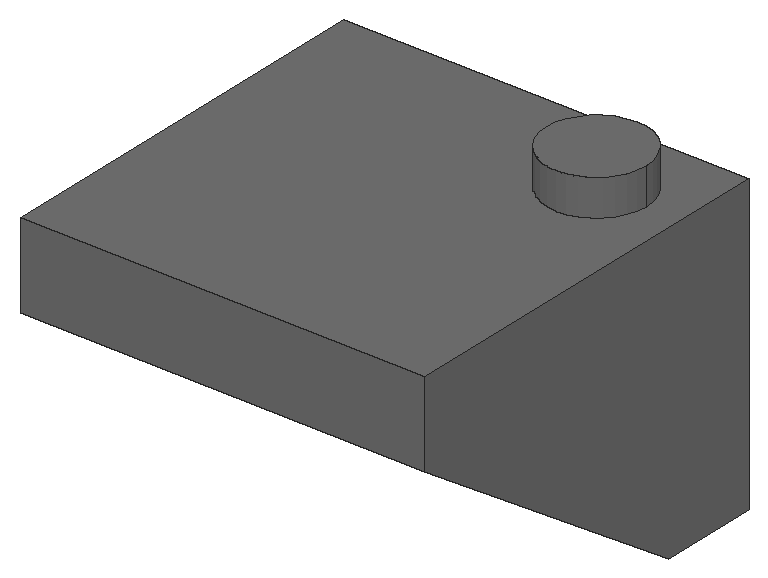
Revit family "v-50_509rh5(-s)_60Hz", category 機械設備, Revit 2019
Family settings
  丸型コネクタ寸法 = 直径を使用
  パーツ タイプ = 標準
  OmniClass 番号 = 23.75.35.17.27
  OmniClass タイトル = Centrifugal Fans
  作業面ベース = いいえ
  常に垂直 = はい
  ロード時にボイドで切り取り = いいえ
  共有 = いいえ
  部屋計算ポイント = いいえ
Parameters (values of type "V-50RH5")
  騒音レベル(dB(A)) = 49
  風量 = 570.0 m³/h
  電源種別 [instance] = ""
  電圧 = 100 V
  電動機出力 = 0 W
  電動機_種別 = ""
  集中コントローラ = ""
  運転質量 = 0.00 kg
  連動 [instance] = ""
  質量 = if(製品質量 > 運転質量, 製品質量, 運転質量) * 1.2  # 24.60 kg
  負荷分類 = 3_ファン類
  説明 = "レンジフードファン デルタキャッチ形"
  設計風量 = 0.0 m³/h
  設置方法 = "天吊"
  記号 [instance] = ""
  製造元 = "三菱電機株式会社"
  製品質量 = 20.50 kg
  製品出荷対象 = "国内"
  製品リリース年月 = "2022年6月1日"
  製品グループ = ""
  系統 [instance] = ""
  符号 = if(☑給気／□排気, "FS", "FE")  # "FE"
  積算_科目 = "2 換気設備"
  積算_拾い区分 [instance] = ""
  相 = 1
  盤記号 [instance] = ""
  発停方法 [instance] = ""
  特殊仕様 [instance] = ""
  火災停止 [instance] = ""
  消費電力 = 140 W
  法定耐用年数 = "15"
  機外静圧_排気 = 210.0 Pa
  機外静圧 = 0.0 Pa
  極数 = 2
  材質 [instance] = ""
  操作・制御方式 = ""
  操作・制御スイッチ = ""
  排気量 = 0.0 m³/h
  形式 = "片吸込形"
  幹線記号 [instance] = ""
  対象室 [instance] = ""
  実風量 = 0.0 m³/h
  始動方式 [instance] = "直入"
  天吊用穴_ピッチ = 520 mm
  天吊用穴_D = 300 mm
  外気量 = 0.0 m³/h
  呼称 = "遠心送風機"
  周波数 = 60 Hz
  参照している仕様書等のバージョン = ""
  分類コード = "50052503100060"
  分類グループ = ""
  価格 = 119000
  企業コード = "108420"
  付属品_フィルター_還気 = ""
  付属品_フィルター = ""
  付属品 [instance] = ""
  仕様書バージョン = "Version1.0"
  モデル = "V-50RH5"
  マテリアル = 鋼板(黒)
  ファンの種類 = ""
  ダクト径 = 150 mm
  コメント [instance] = ""
  Keynote = ""
  Assembly Code = ""
  ☑給気／□排気 = no
  Width = 600 mm
  W1 = Width / 2  # 300 mm
  Version = ""
  Uniclass2015Version = "Systems v1.9"
  Uniclass2015Title = "Centrifugal fans"
  Uniclass2015Code = "Pr_65_67_29_12"
  URL = "https://www.mitsubishielectric.co.jp/ldg/wink/ssl/displayProduct.do?pid=320886"
  SpecificationReference = ""
  SpecificationDescription = ""
  Revision = ""
  ProductInformation = ""
  OmniClassCode = "23-33 31 19 13 15"
  EAダクト接続口_後部 = no
  MIN風量 = 135.0 m³/h
  MIN静圧 = 0.0 Pa
  MID風量 = 400.0 m³/h
  MID静圧 = 0.0 Pa
  MAX風量 = 570.0 m³/h
  MAX静圧 = 0.0 Pa
  IfcTypeProduct = ""
  IfcProduct = ""
  IfcExportType = "CENTRIFUGALFORWARDCURVED"
  IfcExportAs = "IfcFanType"
  Height = 440 mm
  H1 = 126 mm
  EAダクト接続口_上部左 = no
  EAダクト接続口_上部右 = yes
  EAサイズ_D = 148 mm
  Duct_Pitch = 350 mm
  Duct_Height = 54 mm
  Duct_D = 125 mm
  Duct_H = 100 mm
  Depth = 600 mm
  D1 = 148 mm
  Clearance Top = 0 mm
  Clearance Right = 0 mm
  Clearance Left = 0 mm
  Clearance Front = 0 mm
  Clearance Bottom = 0 mm
  Clearance Back = 0 mm
  Author = "三菱電機株式会社"
Types (4, lengths in mm): name | 質量 | 製品質量 | 価格 | モデル | マテリアル | Width | W1 | URL
  V-50RH5 | 24.60 kg | 20.50 kg | 119000 | "V-50RH5" | 鋼板(黒) | 600 | 300 | "https://www.mitsubishielectric.co.jp/ldg/wink/ssl/displayProduct.do?pid=320886"
  V-507RH5 | 27.00 kg | 22.50 kg | 133900 | "V-507RH5" | 鋼板(黒) | 750 | 375 | "https://www.mitsubishielectric.co.jp/ldg/wink/ssl/displayProduct.do?pid=320855"
  V-509RH5 | 29.40 kg | 24.50 kg | 171200 | "V-509RH5" | 鋼板(黒) | 900 | 450 | "https://www.mitsubishielectric.co.jp/ldg/wink/ssl/displayProduct.do?pid=320857"
  V-507RH5-S | 27.00 kg | 22.50 kg | 178900 | "V-507RH5-S" | 鋼板(シルバー) | 750 | 375 | "https://www.mitsubishielectric.co.jp/ldg/wink/ssl/displayProduct.do?pid=320856"
Reference planes
  plane 1 "中心(正面/背面)": y = 0
  plane 2: z = 0
  plane 3 "中心(左/右)": x = 0
  plane 4: x = -300
  plane 5: x = 300
  plane 6: y = -600
  plane 7: z = -440
  plane 8: z = -126
  plane 9: z = 54
  plane 10: y = -300
  plane 11: y = -148
  plane 12: x = -175
  plane 13: x = 175
  plane 14: y = -125
  plane 15: z = -100
  plane 16: y = 54
  plane 17: x = -150
  plane 18: x = 150
  plane 19: x = -260
  plane 20: x = 260
  plane 21: y = -300
Forms (mm)
  Extrusion 1, solid, material "鋼板(黒)" <- "マテリアル", detail levels fine
    sketch origin (0, 0, 0) x (1, 0, 0) y (0, 1, 0)
      loop
        line (-300, 0) -> (-300, -148) -> (300, -148) -> (300, 0) -> (-300, 0)
    from -440 to 0
  Blend 2, solid, material "鋼板(黒)" <- "マテリアル", detail levels fine
    base sketch origin (0, 0, 0) x (1, 0, 0) y (0, 0, 1)
      loop
        line (-300, -440) -> (300, -440) -> (300, 0) -> (-300, 0) -> (-300, -440)
    top sketch origin (0, 0, 0) x (1, 0, 0) y (0, 0, 1)
      loop
        line (-300, -126) -> (300, -126) -> (300, 0) -> (-300, 0) -> (-300, -126)
    from 148 to 600
  Extrusion 3, solid, material "鋼板(黒)" <- "マテリアル", visible <- "EAダクト接続口_上部右", detail levels fine
    sketch origin (0, 0, 0) x (1, 0, 0) y (0, 1, 0)
      loop
        circle (175, -125) r 74
    from 0 to 54
  Extrusion 4, solid, material "鋼板(黒)" <- "マテリアル", visible <- "EAダクト接続口_上部左", detail levels fine
    sketch origin (0, 0, 0) x (1, 0, 0) y (0, 1, 0)
      loop
        circle (-175, -125) r 74
    from 0 to 54
  Extrusion 5, solid, material "鋼板(黒)" <- "マテリアル", visible <- "EAダクト接続口_後部", detail levels fine
    sketch origin (0, 0, 0) x (1, 0, 0) y (0, 0, 1)
      loop
        circle (0, -100) r 74
    from -54 to 0
Cuts and joins
  joined: Extrusion 1, Blend 2
Lines and regions (mm)
  Masking region 1, detail levels coarse+medium
    outline origin (1326.5, 29, 0) x (1, 0, 0) y (0, 1, 0)
      loop
        line (-1626.5, -29) -> (-1626.5, -629) -> (-1026.5, -629) -> (-1026.5, -29) -> (-1626.5, -29)
  symbolic lines, detail levels coarse+medium
    curve 1: circle (-150, -300, 0) r 150 normal (0, 0, 1)
    curve 2: circle (150, -300, 0) r 150 normal (0, 0, 1)
Dimensions and locks
  equal spacing: plane 4, plane 3 "中心(左/右)", plane 5
  "Width": plane 4 to plane 5
  equal spacing: plane 6, plane 10, plane 1 "中心(正面/背面)"
  "Depth": plane 1 "中心(正面/背面)" to plane 6
  "D1": plane 1 "中心(正面/背面)" to plane 11
  equal spacing: plane 12, plane 3 "中心(左/右)", plane 13
  "Duct_Pitch": plane 12 to plane 13
  "Duct_D": plane 1 "中心(正面/背面)" to plane 14
  "Height": level to plane 7
  "H1": level to plane 8
  "Duct_Height": plane 9 to level
  "Duct_H": level to plane 15
  "Duct_Height": plane 16 to plane 1 "中心(正面/背面)"
  equal spacing: plane 4, plane 17, plane 3 "中心(左/右)"
  equal spacing: plane 3 "中心(左/右)", plane 18, plane 5
  equal spacing: plane 19, plane 3 "中心(左/右)", plane 20
  "天吊用穴_ピッチ": plane 19 to plane 20
  "天吊用穴_D": plane 1 "中心(正面/背面)" to plane 21
  "EAサイズ_D": diameter of Extrusion 3 sketch curve
  "EAサイズ_D": diameter of Extrusion 4 sketch curve
  "EAサイズ_D": diameter of Extrusion 5 sketch curve
  "W1": diameter of curve 1
  "W1": diameter of curve 2
  aligned and locked: level to plane 2
  aligned and locked: Masking region 1 to plane 4
  aligned and locked: plane 5 to Masking region 1
  aligned and locked: Masking region 1 to plane 6
  aligned and locked: Masking region 1 to plane 1 "中心(正面/背面)"
  aligned and locked: plane 1 "中心(正面/背面)" to Extrusion 1 sketch curve
  aligned and locked: plane 4 to Extrusion 1 sketch curve
  aligned and locked: plane 11 to Extrusion 1 sketch curve
  aligned and locked: Extrusion 1 sketch curve to plane 5
  aligned and locked: Blend 2 sketch curve to plane 7
  aligned and locked: level to Blend 2 sketch curve  (x2)
  aligned and locked: Blend 2 sketch curve to plane 5
  aligned and locked: Blend 2 sketch curve to plane 8
  aligned and locked: Blend 2 sketch curve to plane 4
  aligned and locked: var sketch to Blend 2 sketch curve
  aligned and locked: Extrusion 1 to plane 7
  aligned and locked: level to Extrusion 1
  aligned and locked: Blend 2 to plane 6
  aligned and locked: plane 11 to Blend 2
  aligned and locked: plane 9 to Extrusion 3
  aligned and locked: Extrusion 3 to level
  aligned and locked: plane 9 to Extrusion 4
  aligned and locked: Extrusion 4 to level
  aligned and locked: plane 16 to Extrusion 5
  aligned and locked: plane 1 "中心(正面/背面)" to Extrusion 5
  aligned and locked: nested 1 to plane 21
  aligned and locked: plane 19 to nested 1
  aligned and locked: plane 20 to nested 1
Automatic sketch dimensions
  Masking region 1 sketch curve to plane 4 = 0 mm
  Masking region 1 sketch curve to plane 5 = 0 mm
  Masking region 1 sketch curve to plane 6 = 0 mm
  plane 1 "中心(正面/背面)" to Masking region 1 sketch curve = 0 mm
  Blend 2 sketch curve to plane 4 = 0 mm
  Extrusion 3 sketch curve to plane 13 = 0 mm
  Extrusion 3 sketch curve to plane 14 = 0 mm
  Extrusion 4 sketch curve to plane 12 = 0 mm
  Extrusion 4 sketch curve to plane 14 = 0 mm
  Extrusion 5 sketch curve to plane 3 "中心(左/右)" = 0 mm
  Extrusion 5 sketch curve to plane 15 = 0 mm
  curve 1 to plane 10 = 0 mm
  curve 1 to plane 17 = 0 mm
  curve 2 to plane 10 = 0 mm
  curve 2 to plane 18 = 0 mm
Nested families
  nested 1: "固定点" at (-260, -300, 0), type "固定点"
    with W 520 mm, D 1000 mm
Connectors
  hvac at (175, -125, 54), driven by "ダクト径", driven by "機外静圧", driven by "風量"
    settings: on Extrusion 3, index 1, duct flow 570.0 m³/h, flow factor 0, pres drop 0.0 Pa, loss coef 0, conn angle 0.00°, conn width 304.8 mm, conn height 304.8 mm, conn diameter 150 mm, duct sys type 3, conn prof type 0, flow config 0, flow direction 2, loss method 4, conn ref index -1, conn util no, is conn primary yes, conn desc ""
  hvac at (-175, -125, 54), driven by "ダクト径", driven by "機外静圧", driven by "風量"
    settings: on Extrusion 4, index 2, duct flow 570.0 m³/h, flow factor 0, pres drop 0.0 Pa, loss coef 0, conn angle 0.00°, conn width 304.8 mm, conn height 304.8 mm, conn diameter 150 mm, duct sys type 3, conn prof type 0, flow config 0, flow direction 2, loss method 4, conn ref index -1, conn util no, is conn primary no, conn desc ""
  hvac at (0, 54, -100), driven by "ダクト径", driven by "機外静圧", driven by "風量"
    settings: on Extrusion 5, index 3, duct flow 570.0 m³/h, flow factor 0, pres drop 0.0 Pa, loss coef 0, conn angle 0.00°, conn width 304.8 mm, conn height 304.8 mm, conn diameter 150 mm, duct sys type 3, conn prof type 0, flow config 0, flow direction 2, loss method 4, conn ref index -1, conn util no, is conn primary no, conn desc ""
  electrical at (0, -300, 0), driven by "極数", driven by "負荷分類", driven by "電圧", driven by "消費電力"
    settings: on cut or joined group of Extrusion 1, Blend 2, index 4, voltage 100 V, apparent load 140 VA, apparent load phase1 0 VA, apparent load phase2 0 VA, apparent load phase3 0 VA, power factor 1, load classification "3_ファン類", number of poles 2, system type 30, power factor state 1, is connector primary yes, connector utility no, sub classification motor no, connector description ""
Definition of nested family "固定点"
  Parameters (values of type "固定点")
    中心円 = 20 mm
    W [instance] = 1000 mm
    D [instance] = 1000 mm
  Reference planes
    plane 1 "中心(正面/背面)": y = 0
    plane 2: z = 0
    plane 3 "中心(左/右)": x = 0
    plane 4: x = 1000
  Lines and regions (mm)
    symbolic lines, detail levels fine
      curve 1: circle (0, 0, 0) r 10 normal (0, 0, 1)
      curve 2: circle (1000, 0, 0) r 10 normal (0, 0, 1)
      curve 3: line (-200, 0, 0) -> (1200, 0, 0)
      curve 4: line (0, 200, 0) -> (0, -200, 0)
      curve 5: line (1000, 200, 0) -> (1000, -200, 0)
  Dimensions and locks
    "W": plane 3 "中心(左/右)" to plane 4
    "中心円": diameter of curve 1
    "中心円": diameter of curve 2
    aligned and locked: level to plane 2
    aligned and locked: plane 3 "中心(左/右)" to curve 1
    aligned and locked: plane 1 "中心(正面/背面)" to curve 1
    aligned and locked: plane 1 "中心(正面/背面)" to curve 2
    aligned and locked: plane 4 to curve 2
    aligned and locked: plane 1 "中心(正面/背面)" to curve 3
    aligned and locked: curve 4 to plane 3 "中心(左/右)"
    aligned and locked: curve 5 to plane 4
  Automatic sketch dimensions
    curve 3 to plane 3 "中心(左/右)" = 200 mm
    curve 2 to curve 3 = 200 mm
    plane 1 "中心(正面/背面)" to curve 4 = 200 mm
    plane 1 "中心(正面/背面)" to curve 5 = 200 mm
    curve 5 to plane 1 "中心(正面/背面)" = 200 mm
    curve 4 to plane 1 "中心(正面/背面)" = 200 mm
